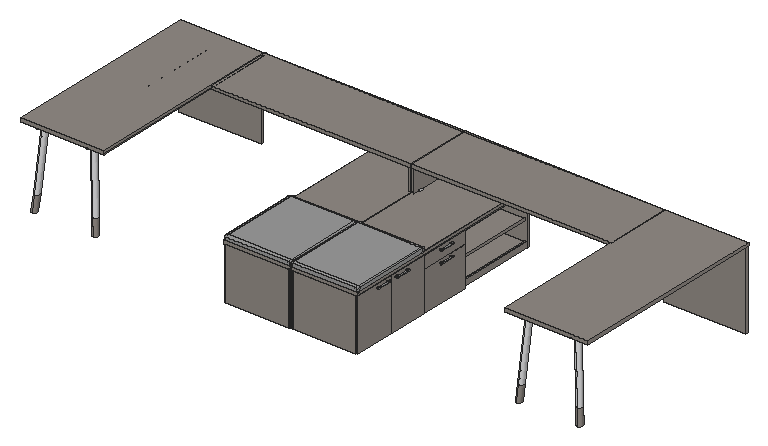
Revit family "JSI-Vision-Typical_Veneer-VSV113", category Furniture, Revit 2020 (continued)
Definition of nested family "JSI-Vision-Open_Shelf_Modular_Bench_Pedestal"
  Forms (in)
    Extrusion 5, solid, material <- "Chassis"
      sketch origin (0, 0, 0) x (0, 1, 0) y (0, 0, 1)
        loop
          line (-16.25, 9.375) -> (-16.25, 8.625) -> (-0.8125, 8.625) -> (-0.8125, 9.375) -> (-16.25, 9.375)
        loop
          line (-0.8125, 18.1091) -> (-0.8125, 18.8591) -> (-17.25, 18.8591) -> (-17.25, 18.1091) -> (-0.8125, 18.1091)
        loop
          line (-0.8125, 1.1875) -> (-0.8125, 1.9375) -> (-16.25, 1.9375) -> (-16.25, 1.1875) -> (-0.8125, 1.1875)
      from 0.75 to 17.126
  Lines and regions (in)
    symbolic lines
      curve 1: line (0, 0, 0) -> (18, 0, 0)
      curve 2: line (0, -17.875, 0) -> (0, 0, 0)
      curve 3: line (18, -17.875, 0) -> (0, -17.875, 0)
      curve 4: line (18, 0, 0) -> (18, -17.875, 0)
  Dimensions and locks (in)
    locked: plane 14 to plane 13 at 0.1091
    plane 9 to plane 6 to plane 4 = 0.68644" locked, 0.18756" locked
    plane 3 "Center Left/Right" to plane 5 to plane 8 = 0.18716" locked, 0.56284" locked
    "Width": plane 3 "Center Left/Right" to plane 4
    equal spacing: plane 3 "Center Left/Right", plane 12, plane 4
    locked: plane 1 "Center Front/Back" to plane 10 at 0.8125
    plane 16 to plane 17 to level = 3/4" locked, 1 3/16" locked
    plane 19 to plane 20 to plane 11 to plane 18 to plane 21 = 3/4" locked, 1/4" locked, 5/8" locked, 1/8" locked
    "Depth": plane 1 "Center Front/Back" to plane 21
    locked: plane 13 to plane 22 at 0.75
    "Height": level to plane 14
    aligned and locked: level to plane 2
    aligned and locked: plane 10 to Extrusion 1 sketch curve
    aligned and locked: plane 10 to Extrusion 2 sketch curve
    aligned and locked: Extrusion 2 sketch curve to level
    aligned and locked: Extrusion 3 sketch curve to plane 10
    aligned and locked: level to Extrusion 3 sketch curve
    aligned and locked: plane 8 to Extrusion 4 sketch curve
    aligned and locked: plane 12 to nested 1
    aligned and locked: plane 13 to Extrusion 1
    aligned and locked: Extrusion 1 to plane 1 "Center Front/Back"
    aligned and locked: plane 3 "Center Left/Right" to curve 2
    aligned and locked: Extrusion 1 to plane 3 "Center Left/Right"
    aligned and locked: plane 1 "Center Front/Back" to curve 1
    aligned and locked: plane 4 to Extrusion 1
    aligned and locked: curve 4 to plane 4
    aligned and locked: plane 10 to Extrusion 5 sketch curve  (x3)
    aligned and locked: plane 7 to Extrusion 5 sketch curve
    aligned and locked: Extrusion 5 sketch curve to plane 15
    aligned and locked: Extrusion 5 to plane 8
    aligned and locked: plane 9 to Extrusion 5
    aligned and locked: Extrusion 2 to plane 11
    aligned and locked: Extrusion 3 to plane 11
    aligned and locked: plane 19 to Extrusion 4
    aligned and locked: Extrusion 4 to plane 20
    aligned and locked: Extrusion 5 to plane 19
    aligned and locked: plane 13 to Extrusion 5 sketch curve
    aligned and locked: Extrusion 5 sketch curve to plane 11
    aligned and locked: plane 16 to Extrusion 5 sketch curve
    aligned and locked: Extrusion 5 sketch curve to plane 17
    aligned and locked: Extrusion 5 sketch curve to plane 19
    aligned and locked: plane 18 to curve 3
    aligned and locked: Extrusion 3 to plane 9
    aligned and locked: plane 4 to Extrusion 3
    aligned and locked: nested 1 to plane 21
    aligned and locked: Extrusion 5 to plane 22
  Automatic sketch dimensions
    Extrusion 4 sketch curve to plane 9 = 0"
    plane 1 "Center Front/Back" to Extrusion 1 sketch curve = 0"
    plane 5 to Extrusion 1 sketch curve = 0.18716"
    Extrusion 1 sketch curve to plane 6 = 0.18756"
    plane 11 to Extrusion 2 sketch curve = 0"
    plane 11 to Extrusion 3 sketch curve = 0"
    plane 18 to Extrusion 4 sketch curve = 7/8"
    plane 11 to Extrusion 4 sketch curve = 1"
    Extrusion 5 sketch curve to plane 19 = 0"
    plane 14 to Extrusion 5 sketch curve = 0.6409"
    Extrusion 2 sketch curve to plane 13 = 0"
    Extrusion 3 sketch curve to plane 13 = 0"
  Nested families (in)
    nested 1: "Label 1-16" at (9, -18, 0), type "DRWCFG"
  Definition of nested family "Label 1-16"
    Parameters
      Width = 1"
      Model Name = "FF"
    Reference planes (in)
      plane 1: y = 0
      plane 2: x = 0
    Text (in)
      label "XX" at (0.00051, -0.12324, 0), shows "Model Name"
Definition of nested family "JSI-Vision-Bench_Height_Modular_Top"
  Parameters (values of type "Type Catalog")
    Worksurface = none
    Width = 42"
    URL = "www.jsifurniture.com"
    Type Comments = ""
    Series = "Vision Casegoods"  # constant formula
    Model = "Type Catalog"
    Material = ""
    Manufacturer = "JSI"  # constant formula
    Keynote = "12500"
    JSI Enviromental Website = "http://www.jsifurniture.com/jsi_sustainability_intro.php"
    Height = 19 1/2"
    Description = "Type Catalog"
    Depth = 30"
    Default Elevation = 0"
    Assembly Code = "E2020200"
  Reference planes (in)
    plane 1 "Center Front/Back": y = 0
    plane 2: z = 0
    plane 3 "Center Left/Right": x = 0
    plane 4: z = 0
    plane 5: x = 42
    plane 6: y = -30
    plane 7: z = 20.6875
    plane 8: z = 19.5
  Forms (in)
    Extrusion 1, solid, material <- "Worksurface"
      sketch origin (0, 0, 28) x (0, 1, 0) y (0, 0, 1)
        loop
          line (-29.88189, -8.5) -> (0, -8.5) -> (0, -7.3125) -> (-29.88189, -7.3125)
          arc (-29.88189, -7.3125) -> (-29.96541, -7.34709) -> (-30, -7.43061) r 0.11811
          line (-30, -7.43061) -> (-30, -8.38189)
          arc (-30, -8.38189) -> (-29.96541, -8.46541) -> (-29.88189, -8.5) r 0.11811
      from 0 to 42
  Lines and regions (in)
    symbolic lines
      curve 1: line (0, 0, 0) -> (42, 0, 0)
      curve 2: line (0, -30, 0) -> (0, 0, 0)
      curve 3: line (42, -30, 0) -> (0, -30, 0)
      curve 4: line (42, 0, 0) -> (42, -30, 0)
  Dimensions and locks (in)
    "Depth": plane 6 to plane 1 "Center Front/Back"
    "Width": plane 5 to plane 3 "Center Left/Right"
    locked: plane 7 to plane 8 at 1.1875
    "Height": plane 8 to level
    aligned and locked: level to plane 2
    aligned and locked: plane 5 to Extrusion 1
    aligned and locked: curve 1 to Extrusion 1
    aligned and locked: curve 2 to Extrusion 1
    aligned and locked: plane 6 to curve 3
    aligned and locked: curve 4 to plane 5
    aligned and locked: Extrusion 1 to plane 8
    aligned and locked: Extrusion 1 to plane 7
  Automatic sketch dimensions
    Extrusion 1 sketch curve to plane 6 = 0"
    level to Extrusion 1 sketch curve = 19 1/2"
    Extrusion 1 sketch curve to plane 7 = 0"
    Extrusion 1 sketch curve to plane 1 "Center Front/Back" = 0"
    Extrusion 1 sketch curve to Extrusion 1 sketch curve = 0.11811"
    plane 6 to Extrusion 1 sketch curve = 0.11811"
Definition of nested family "JSI-Vision-Rectangle_Desk_Top"
  Parameters (values of type "Type Catalog")
    Worksurface = none
    Width = 42"
    URL = "www.jsifurniture.com"
    Type Comments = ""
    Series = "Vision Casegoods"  # constant formula
    Model = "Type Catalog"
    Material = ""
    Manufacturer = "JSI"  # constant formula
    Keynote = "12500"
    JSI Enviromental Website = "http://www.jsifurniture.com/jsi_sustainability_intro.php"
    Height = 30"
    Description = "Type Catalog"
    Depth = 30"
    Default Elevation = 0"
    Assembly Code = "E2020200"
  Reference planes (in)
    plane 1 "Center Front/Back": y = 0
    plane 2: z = 0
    plane 3 "Center Left/Right": x = 0
    plane 4: z = 0
    plane 5: x = 42
    plane 6: y = -30
    plane 7: z = 31.1875
    plane 8: z = 30
  Forms (in)
    Extrusion 1, solid, material <- "Worksurface"
      sketch origin (0, 0, 28) x (0, 1, 0) y (0, 0, 1)
        loop
          line (-29.88189, 2) -> (0, 2) -> (0, 3.1875) -> (-29.88189, 3.1875)
          arc (-29.88189, 3.1875) -> (-29.96541, 3.15291) -> (-30, 3.06939) r 0.11811
          line (-30, 3.06939) -> (-30, 2.11811)
          arc (-30, 2.11811) -> (-29.96541, 2.03459) -> (-29.88189, 2) r 0.11811
      from 0 to 42
  Lines and regions (in)
    symbolic lines
      curve 1: line (0, 0, 0) -> (42, 0, 0)
      curve 2: line (0, -30, 0) -> (0, 0, 0)
      curve 3: line (42, -30, 0) -> (0, -30, 0)
      curve 4: line (42, 0, 0) -> (42, -30, 0)
  Dimensions and locks (in)
    "Depth": plane 6 to plane 1 "Center Front/Back"
    "Width": plane 5 to plane 3 "Center Left/Right"
    locked: plane 7 to plane 8 at 1.1875
    "Height": plane 8 to level
    aligned and locked: level to plane 2
    aligned and locked: plane 5 to Extrusion 1
    aligned and locked: curve 1 to Extrusion 1
    aligned and locked: curve 2 to Extrusion 1
    aligned and locked: plane 6 to curve 3
    aligned and locked: curve 4 to plane 5
    aligned and locked: Extrusion 1 to plane 8
    aligned and locked: Extrusion 1 to plane 7
  Automatic sketch dimensions
    Extrusion 1 sketch curve to plane 6 = 0"
    level to Extrusion 1 sketch curve = 30"
    Extrusion 1 sketch curve to plane 7 = 0"
    Extrusion 1 sketch curve to plane 1 "Center Front/Back" = 0"
    Extrusion 1 sketch curve to Extrusion 1 sketch curve = 0.11811"
    plane 6 to Extrusion 1 sketch curve = 0.11811"
Definition of nested family "JSI-Vision-Credenza_Top"
  Parameters (values of type "Type Catalog")
    Worksurface = none
    Width = 30"
    URL = "www.jsifurniture.com"
    Type Comments = ""
    Series = "Vision Casegoods"  # constant formula
    Model = "Type Catalog"
    Material = ""
    Manufacturer = "JSI"  # constant formula
    Keynote = "12500"
    JSI Enviromental Website = "http://www.jsifurniture.com/jsi_sustainability_intro.php"
    Height [instance] = 0"
    Description = "Type Catalog"
    Depth = 20"
    Default Elevation = 0"
    Assembly Code = "E2020200"
  Reference planes (in)
    plane 1 "Center Front/Back": y = 0
    plane 2: z = 0
    plane 3 "Center Left/Right": x = 0
    plane 4: z = 0
    plane 5: x = 30
    plane 6: y = -20
    plane 7: z = 1.1875
    plane 8: z = 0
  Forms (in)
    Extrusion 1, solid, material <- "Worksurface"
      sketch origin (0, 0, 28) x (0, 1, 0) y (0, 0, 1)
        loop
          line (-19.88189, -28) -> (0, -28) -> (0, -26.8125) -> (-19.88189, -26.8125)
          arc (-19.88189, -26.8125) -> (-19.96541, -26.84709) -> (-20, -26.93061) r 0.11811
          line (-20, -26.93061) -> (-20, -27.88189)
          arc (-20, -27.88189) -> (-19.96541, -27.96541) -> (-19.88189, -28) r 0.11811
      from 0 to 30
  Lines and regions (in)
    symbolic lines
      curve 1: line (0, 0, 0) -> (30, 0, 0)
      curve 2: line (0, -20, 0) -> (0, 0, 0)
      curve 3: line (30, -20, 0) -> (0, -20, 0)
      curve 4: line (30, 0, 0) -> (30, -20, 0)
  Dimensions and locks (in)
    "Depth": plane 6 to plane 1 "Center Front/Back"
    "Width": plane 5 to plane 3 "Center Left/Right"
    locked: plane 7 to plane 8 at 1.1875
    "Height": plane 8 to level
    aligned and locked: level to plane 2
    aligned and locked: plane 5 to Extrusion 1
    aligned and locked: curve 1 to Extrusion 1
    aligned and locked: curve 2 to Extrusion 1
    aligned and locked: plane 6 to curve 3
    aligned and locked: curve 4 to plane 5
    aligned and locked: Extrusion 1 to plane 8
    aligned and locked: plane 7 to Extrusion 1
  Automatic sketch dimensions
    Extrusion 1 sketch curve to plane 6 = 0"
    level to Extrusion 1 sketch curve = 0"
    Extrusion 1 sketch curve to plane 7 = 0"
    Extrusion 1 sketch curve to plane 1 "Center Front/Back" = 0"
    Extrusion 1 sketch curve to Extrusion 1 sketch curve = 0.11811"
    plane 6 to Extrusion 1 sketch curve = 0.11811"
Definition of nested family "JSI-Vision-Wood_Dowel_Base"
  Parameters (values of type "VSV0228MKL2 - Wood Dowel Base 2"W x 2"D x 28 5/16"H")
    Width = 2"
    Upper Leg Finish = none
    URL = "www.jsifurniture.com"
    Type Comments = ""
    Support Finish = none
    Series = "Vision Casegoods"  # constant formula
    Model = "VSV0228MKL2"
    Material = ""
    Manufacturer = "JSI"  # constant formula
    Low Leg Finish = none
    Keynote = "12500"  # constant formula
    JSI Enviromental Website = "http://www.jsifurniture.com/jsi_sustainability_intro.php"
    Height = 28 5/16"
    Glide Finish = none
    Description = "Wood Dowel Base Veneer - 2\"W x 2\"D x 28 5/16\"H"
    Depth = 2"
    Default Elevation = 0"
    Assembly Code = "E2020200"
  Types (2): name | Model | Description
    VSV0228MKL2 - Wood Dowel Base 2"W x 2"D x 28 5/16"H | "VSV0228MKL2" | "Wood Dowel Base Veneer - 2\"W x 2\"D x 28 5/16\"H"
    VST0228MKL2 - Wood Dowel Base 2"W x 2"D x 28 5/16"H | "VST0228MKL2" | "Wood Dowel Base Laminate - 2\"W x 2\"D x 28 5/16\"H"
  Reference planes (in)
    plane 1 "Center Front/Back": y = 0
    plane 2: z = 0
    plane 3 "Center Left/Right": x = 0
    plane 4: z = 28.3125
    plane 5: z = 28.15375
    plane 6: z = 0.29528
    plane 7: through (-0.0332, 10.94291, 48) normal (0.7071, -0.7071, 0)
    plane 8: through (-0.0332, -10.94291, 48) normal (-0.7071, -0.7071, 0)
  Forms (in)
    Extrusion 1, solid, material <- "Support Finish"
      sketch origin (0, 0, 0) x (1, 0, 0) y (0, 1, 0)
        loop
          line (-2.24947, 12.19991) -> (-5.43145, 9.01793)
          arc (-5.43145, 9.01793) -> (-5.50467, 8.84115) -> (-5.43145, 8.66437) r 0.25
          line (-5.43145, 8.66437) -> (-2.24947, 5.48239)
          arc (-2.24947, 5.48239) -> (-2.07269, 5.40917) -> (-1.89591, 5.48239) r 0.25
          line (-1.89591, 5.48239) -> (1.28607, 8.66437)
          arc (1.28607, 8.66437) -> (1.35929, 8.84115) -> (1.28607, 9.01793) r 0.25
          line (1.28607, 9.01793) -> (-1.89591, 12.19991)
          arc (-1.89591, 12.19991) -> (-2.07269, 12.27313) -> (-2.24947, 12.19991) r 0.25
        loop
          line (-2.24947, -5.54509) -> (-5.43145, -8.72707)
          arc (-5.43145, -8.72707) -> (-5.50467, -8.90385) -> (-5.43145, -9.08063) r 0.25
          line (-5.43145, -9.08063) -> (-2.24947, -12.26261)
          arc (-2.24947, -12.26261) -> (-2.07269, -12.33583) -> (-1.89591, -12.26261) r 0.25
          line (-1.89591, -12.26261) -> (1.28607, -9.08063)
          arc (1.28607, -9.08063) -> (1.35929, -8.90385) -> (1.28607, -8.72707) r 0.25
          line (1.28607, -8.72707) -> (-1.89591, -5.54509)
          arc (-1.89591, -5.54509) -> (-2.07269, -5.47187) -> (-2.24947, -5.54509) r 0.25
      from 28.15375 to 28.3125
    Blend 2, solid, material <- "Low Leg Finish"
      base sketch origin (0, 0, 0) x (1, 0, 0) y (0, 1, 0)
        loop
          circle (-0.0332, 10.94291) r 1
      top sketch origin (0, 0, 0) x (1, 0, 0) y (0, 1, 0)
        loop
          circle (-0.47167, 10.50444) r 1
      from 0.379 to 6.16057
    Blend 3, solid, material <- "Upper Leg Finish"
      base sketch origin (0, 0, 0) x (1, 0, 0) y (0, 1, 0)
        loop
          circle (-0.47167, 10.50444) r 1
      top sketch origin (0, 0, 0) x (1, 0, 0) y (0, 1, 0)
        loop
          circle (-2.0724, 8.84122) r 1
      from 6.16057 to 28.15375
    Blend 4, solid, material <- "Low Leg Finish"
      base sketch origin (0, 0, 0) x (1, 0, 0) y (0, 1, 0)
        loop
          circle (-0.0332, -10.94291) r 1
      top sketch origin (0, 0, 0) x (1, 0, 0) y (0, 1, 0)
        loop
          circle (-0.47167, -10.50444) r 1
      from 0.379 to 6.16057
    Blend 5, solid, material <- "Upper Leg Finish"
      base sketch origin (0, 0, 0) x (1, 0, 0) y (0, 1, 0)
        loop
          circle (-0.47167, -10.50444) r 1
      top sketch origin (0, 0, 0) x (1, 0, 0) y (0, 1, 0)
        loop
          circle (-2.0724, -8.84122) r 1
      from 6.16057 to 28.15375
    Extrusion 6, solid, material <- "Glide Finish"
      sketch origin (0, 0, 0) x (1, 0, 0) y (0, 1, 0)
        loop
          circle (-0.03037, 10.94687) r 0.43404
        loop
          circle (-0.03037, -10.94687) r 0.43404
      from 0 to 0.29528
  Lines and regions (in)
    symbolic lines
      curve 1: line (-2.24947, 12.19991, 0) -> (-5.43145, 9.01793, 0)
      curve 2: arc (-5.43145, 9.01793, 0) -> (-5.50467, 8.84115, 0) -> (-5.43145, 8.66437, 0) r 0.25
      curve 3: line (-5.43145, 8.66437, 0) -> (-2.24947, 5.48239, 0)
      curve 4: arc (-2.24947, 5.48239, 0) -> (-2.07269, 5.40917, 0) -> (-1.89591, 5.48239, 0) r 0.25
      curve 5: line (-1.89591, 5.48239, 0) -> (1.28607, 8.66437, 0)
      curve 6: arc (1.28607, 8.66437, 0) -> (1.35929, 8.84115, 0) -> (1.28607, 9.01793, 0) r 0.25
      curve 7: line (1.28607, 9.01793, 0) -> (-1.89591, 12.19991, 0)
      curve 8: arc (-1.89591, 12.19991, 0) -> (-2.07269, 12.27313, 0) -> (-2.24947, 12.19991, 0) r 0.25
      curve 9: line (-2.24947, -5.54509, 0) -> (-5.43145, -8.72707, 0)
      curve 10: arc (-5.43145, -8.72707, 0) -> (-5.50467, -8.90385, 0) -> (-5.43145, -9.08063, 0) r 0.25
      curve 11: line (-5.43145, -9.08063, 0) -> (-2.24947, -12.26261, 0)
      curve 12: arc (-2.24947, -12.26261, 0) -> (-2.07269, -12.33583, 0) -> (-1.89591, -12.26261, 0) r 0.25
      curve 13: line (-1.89591, -12.26261, 0) -> (1.28607, -9.08063, 0)
      curve 14: arc (1.28607, -9.08063, 0) -> (1.35929, -8.90385, 0) -> (1.28607, -8.72707, 0) r 0.25
      curve 15: line (1.28607, -8.72707, 0) -> (-1.89591, -5.54509, 0)
      curve 16: arc (-1.89591, -5.54509, 0) -> (-2.07269, -5.47187, 0) -> (-2.24947, -5.54509, 0) r 0.25
      curve 17: arc (0.6739, -10.23581, 0) -> (0.6739, -11.65002, 0) -> (-0.74031, -11.65002, 0) r 1
      curve 18: line (0.6739, -10.23581, 0) -> (0.4024, -9.9643, 0)
      curve 19: arc (-0.74031, 11.65002, 0) -> (0.6739, 11.65002, 0) -> (0.6739, 10.23581, 0) r 1
      curve 20: line (-0.74031, 11.65002, 0) -> (-1.04317, 11.34716, 0)
  Dimensions and locks (in)
    "Height": plane 2 to plane 4
    locked: plane 5 to plane 4 at 0.15875
    locked: plane 2 to plane 6 at 0.29528
    aligned and locked: level to plane 2
    aligned and locked: Extrusion 1 to plane 4
    aligned and locked: plane 5 to Extrusion 1
    aligned and locked: Blend 3 to Blend 2
    aligned and locked: Blend 3 to plane 5
    aligned and locked: Blend 4 to Blend 5
    aligned and locked: Extrusion 6 to plane 6
    aligned and locked: Extrusion 6 to plane 2
    aligned and locked: curve 2 to Extrusion 1
    aligned and locked: curve 4 to Extrusion 1
    aligned and locked: curve 6 to Extrusion 1
    aligned and locked: curve 8 to Extrusion 1
    aligned and locked: curve 10 to Extrusion 1
    aligned and locked: curve 12 to Extrusion 1
    aligned and locked: curve 14 to Extrusion 1
    aligned and locked: curve 16 to Extrusion 1
  Automatic sketch dimensions
    Extrusion 1 sketch curve to plane 3 "Center Left/Right" = 5.43145"  (x2)
    Extrusion 1 sketch curve to Extrusion 1 sketch curve = 0"  (x2)
    Extrusion 1 sketch curve to Extrusion 1 sketch curve = 0.17678"  (x22)
    Extrusion 1 sketch curve to plane 3 "Center Left/Right" = 2.24947"  (x4)
    plane 3 "Center Left/Right" to Extrusion 1 sketch curve = 1.10929"  (x2)
    plane 1 "Center Front/Back" to Extrusion 1 sketch curve = 12.26261"
    Extrusion 1 sketch curve to Extrusion 1 sketch curve = 3.18198"  (x6)
    Extrusion 1 sketch curve to plane 1 "Center Front/Back" = 5.48239"
    Blend 2 sketch curve to plane 3 "Center Left/Right" = 0.0332"
    plane 7 to Blend 2 sketch curve = 0"
    Blend 2 sketch curve to plane 3 "Center Left/Right" = 0.47167"
    Blend 3 sketch curve to plane 3 "Center Left/Right" = 0.47167"
    Blend 3 sketch curve to plane 3 "Center Left/Right" = 2.0724"
    Blend 3 sketch curve to plane 1 "Center Front/Back" = 8.84122"
    plane 3 "Center Left/Right" to Blend 4 sketch curve = 0.0332"
    Blend 4 sketch curve to plane 1 "Center Front/Back" = 10.94291"
    Blend 4 sketch curve to plane 8 = 0"
    plane 3 "Center Left/Right" to Blend 4 sketch curve = 0.47167"
    Blend 5 sketch curve to plane 3 "Center Left/Right" = 0.47167"
    plane 1 "Center Front/Back" to Blend 5 sketch curve = 10.50444"
    plane 3 "Center Left/Right" to Blend 5 sketch curve = 2.0724"
    Blend 5 sketch curve to plane 1 "Center Front/Back" = 8.84122"
    Blend 2 sketch curve to plane 1 "Center Front/Back" = 10.94291"
    Blend 3 sketch curve to plane 1 "Center Front/Back" = 10.50444"
    Extrusion 6 sketch curve to plane 3 "Center Left/Right" = 0.03037"  (x2)
    plane 1 "Center Front/Back" to Extrusion 6 sketch curve = 10.94687"
    Extrusion 6 sketch curve to plane 1 "Center Front/Back" = 10.94687"
    curve 9 to curve 10 = 0.17678"
    curve 3 to curve 2 = 0.17678"
    curve 1 to curve 2 = 0.17678"
    curve 11 to curve 10 = 0.17678"
    curve 1 to curve 8 = 0.17678"
    curve 3 to curve 4 = 0.17678"
    curve 11 to curve 12 = 0.17678"
    curve 9 to curve 16 = 0.17678"
    curve 8 to curve 7 = 0.17678"
    curve 16 to curve 15 = 0.17678"
    curve 4 to curve 5 = 0.17678"
    curve 12 to curve 13 = 0.17678"
    curve 19 to plane 3 "Center Left/Right" = 0.0332"
    curve 17 to plane 3 "Center Left/Right" = 0.0332"
    plane 3 "Center Left/Right" to curve 18 = 0.6739"
    curve 6 to curve 7 = 0.17678"
    curve 6 to curve 5 = 0.17678"
    curve 14 to curve 15 = 0.17678"
    curve 14 to curve 13 = 0.17678"
    curve 17 to curve 14 = 1.86229"
    curve 17 to curve 18 = 0.70711"
    curve 20 to plane 3 "Center Left/Right" = 1.04317"
    curve 17 to plane 3 "Center Left/Right" = 0.74031"
    plane 3 "Center Left/Right" to curve 19 = 0.6739"
    curve 19 to curve 19 = 0.70711"
    curve 20 to curve 19 = 0.30286"
    radius of Blend 2 sketch curve = 1"  (x2)
    radius of Blend 3 sketch curve = 1"  (x2)
    radius of Blend 4 sketch curve = 1"  (x2)
    radius of Blend 5 sketch curve = 1"  (x2)
    radius of Extrusion 6 sketch curve = 0.43404"  (x2)
Definition of nested family "JSI-Vision-Support_Rail_Work_Surface"
  Parameters (values of type "GP0243SB, Metal Support Rail for Work Surface  2W 43 L 3/4H")
    Width = 43"
    URL = "www.jsifurniture.com"
    Type Comments = ""
    Series = "Vision Casegoods"  # constant formula
    Support Finish = none
    Model = "GP0243SB"
    Material = ""
    Manufacturer = "JSI"  # constant formula
    Keynote = "12500"  # constant formula
    JSI Enviromental Website = "http://www.jsifurniture.com/jsi_sustainability_intro.php"
    Height = 25/32"
    Description = "Metal Support Rail for Work Surface  2W 43 L 3/4H"
    Depth = 2"
    Default Elevation = 0"
    Assembly Code = "E2020200"
  Types (3): name | Width | Model | Description
    GP0243SB, Metal Support Rail for Work Surface  2W 43 L 3/4H | 43" | "GP0243SB" | "Metal Support Rail for Work Surface  2W 43 L 3/4H"
    GP0249SB, Metal Support Rail for Work Surface  2W49 L 3/4H | 49" | "GP0249SB" | "Metal Support Rail for Work Surface  2W49 L 3/4H"
    GP0255SB, Metal Support Rail for Work Surface  2W 55 L 3/4H | 55" | "GP0255SB" | "Metal Support Rail for Work Surface  2W 55 L 3/4H"
  Reference planes (in)
    plane 1 "Center Front/Back": y = 0
    plane 2: z = 0
    plane 3 "Center Left/Right": x = 0
    plane 4: z = 0
    plane 5: z = 27.81222
    plane 6: x = 43
    plane 7: y = -2
  Forms (in)
    Extrusion 1, solid, material <- "Support Finish"
      sketch origin (0, 0, 0) x (0, 1, 0) y (0, 0, 1)
        loop
          line (0, 27.74972) -> (0, 27.81222) -> (-0.53345, 27.81222) -> (-1, 27.11239) -> (-1.46655, 27.81222) -> (-2, 27.81222) -> (-2, 27.74972) -> (-1.5, 27.74972) -> (-1.04048, 27.06043)
          arc (-1.04048, 27.06043) -> (-1, 27.03877) -> (-0.95952, 27.06043) r 0.04865
          line (-0.95952, 27.06043) -> (-0.5, 27.74972) -> (0, 27.74972)
      from 0 to 43
  Lines and regions (in)
    symbolic lines
      curve 1: line (0, 0, 0) -> (43, 0, 0)
      curve 2: line (0, -2, 0) -> (0, 0, 0)
      curve 3: line (43, -2, 0) -> (0, -2, 0)
      curve 4: line (43, 0, 0) -> (43, -2, 0)
      curve 5: line (0, -1.46655, 0) -> (43, -1.46655, 0)
      curve 6: line (43, -0.53345, 0) -> (0, -0.53345, 0)
      curve 7: line (0, -1, 0) -> (43, -1, 0)
  Dimensions and locks (in)
    "Width": plane 3 "Center Left/Right" to plane 6
    "Depth": plane 1 "Center Front/Back" to plane 7
    aligned and locked: level to plane 2
    aligned and locked: plane 4 to plane 2
    aligned and locked: Extrusion 1 to plane 3 "Center Left/Right"
    aligned and locked: plane 6 to Extrusion 1
    aligned and locked: plane 3 "Center Left/Right" to curve 2
    aligned and locked: curve 4 to plane 6
    aligned and locked: plane 1 "Center Front/Back" to curve 1
    aligned and locked: plane 7 to curve 3
    aligned and locked: curve 5 to Extrusion 1
    aligned and locked: curve 6 to Extrusion 1
    aligned and locked: curve 7 to Extrusion 1
  Automatic sketch dimensions
    Extrusion 1 sketch curve to plane 7 = 0"
    Extrusion 1 sketch curve to plane 5 = 0"  (x2)
    Extrusion 1 sketch curve to plane 1 "Center Front/Back" = 0"
    Extrusion 1 sketch curve to plane 5 = 1/16"  (x2)
    Extrusion 1 sketch curve to Extrusion 1 sketch curve = 1/2"
    Extrusion 1 sketch curve to Extrusion 1 sketch curve = 0.03345"  (x2)
    Extrusion 1 sketch curve to Extrusion 1 sketch curve = 0.45952"
    Extrusion 1 sketch curve to Extrusion 1 sketch curve = 0.04048"  (x2)
    Extrusion 1 sketch curve to Extrusion 1 sketch curve = 0"
    Extrusion 1 sketch curve to Extrusion 1 sketch curve = 0.53345"
    Extrusion 1 sketch curve to plane 5 = 0.69983"
    Extrusion 1 sketch curve to Extrusion 1 sketch curve = 0.02498"
    Extrusion 1 sketch curve to Extrusion 1 sketch curve = 0.02698"
